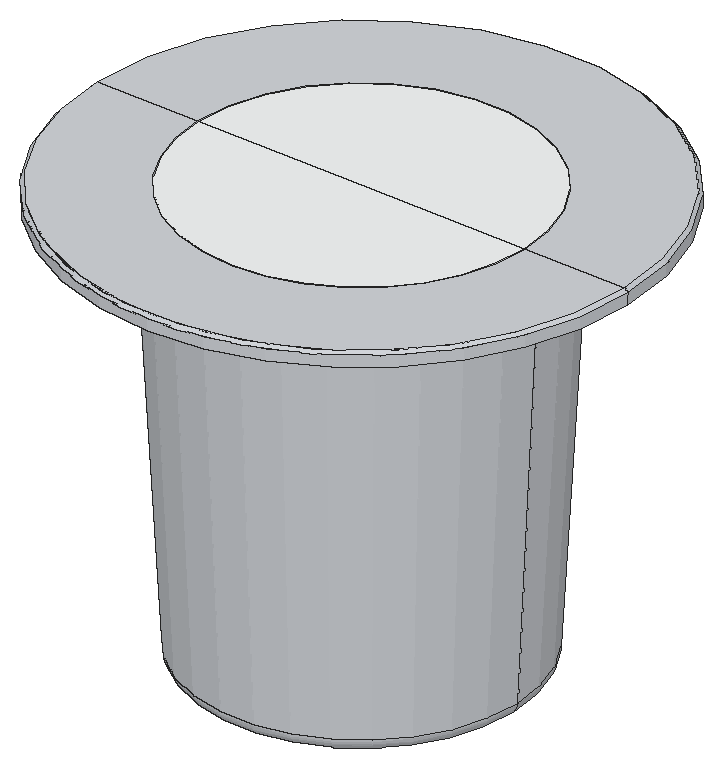
Revit family "33020_HOST_FACE", category Lighting Fixtures, host Face, Revit 2019
Family settings
  Host = Face
  Round Connector Dimension = Use Diameter
  Part Type = Normal
  Cut with Voids When Loaded = Yes
  Light Source = Yes
  Shared = No
  Room Calculation Point = No
Parameters (values of type "Recessed Luminaires - Square")
  Wattage = 1.4878 W
  built-in parameter 1150110 = 1 (stored number, unit not read)
  URL = "www.bega-us.com"
  built-in parameter 1114217 = 1 (stored number, unit not read)
  Tilt Angle = 90.00°
  built-in parameter 1150109 = 1 (stored number, unit not read)
  built-in parameter 1150134 = (empty or 0)
  Telephone = "805.684.0533"
  built-in parameter 1150113 = 1 (stored number, unit not read)
  Photometric Web File = "33020.ies"
  Model = ""
  Manufacturer = "BEGA-US"
  built-in parameter 1150105 = 880.65 (stored number, unit not read)
  Lumens = 221 lm
  built-in parameter 1150115 = 1 (stored number, unit not read)
  built-in parameter 1150137 = (empty or 0)
  built-in parameter 1150139 = (empty or 0)
  built-in parameter 1150112 = 1 (stored number, unit not read)
  built-in parameter 1150114 = 1 (stored number, unit not read)
  Lamp = "4.2W LED"
  built-in parameter 1150132 = 2
  built-in parameter 1150102 = (empty or 0)
  built-in parameter 1150107 = 3000 (stored number, unit not read)
  built-in parameter 1150138 = (empty or 0)
  built-in parameter 1150106 = 8.8065 (stored number, unit not read)
  built-in parameter 1150104 = 13.8 (stored number, unit not read)
  Dimming Lamp Color Temperature Shift = <None>
  Description = ""
  Default Elevation = 0' - 0"
  Color Filter = 16777215
  built-in parameter 1114218 = 1 (stored number, unit not read)
  built-in parameter 1150133 = 10 (stored number, unit not read)
Types (27): name | Wattage | Tilt Angle | built-in parameter 1150134 | Photometric Web File | Model | built-in parameter 1150105 | Lumens | Lamp | built-in parameter 1150107 | built-in parameter 1150106 | Description | Default Elevation
  (no name) | 1.4878 W | 90.00° | (empty or 0) | "33020.ies" | "" | 880.65 (stored number, unit not read) | 221 lm | "4.2W LED" | 3000 (stored number, unit not read) | 8.8065 (stored number, unit not read) | "" | 0' - 0"
  Wall Luminaires - Directed Light | 18.4392 W | 90.00° | (empty or 0) | "generic" | "2260LED" | 217.96 (stored number, unit not read) | 2739 lm | "44.6W LED" | 3000 (stored number, unit not read) | 2.1796 (stored number, unit not read) | "Surface wall with cutoff optics" | 6' - 0"
  Wall Luminaires - Linear | 9.92985 W | 90.00° | 9 | "generic" | "4425P" | 117.38 (stored number, unit not read) | 1475 lm | "(1) 39W CF twin-4-p" | 3450 (stored number, unit not read) | 1.1738 (stored number, unit not read) | "Suface wall - linear with white acrylic diffuser" | 6' - 0"
  Ceiling and Wall Luminaires - Unshielded | 2.66591 W | 0.00° | (empty or 0) | "33508.ies" | "33 508" | 31.513 (stored number, unit not read) | 396 lm | "W LED" | 3000 (stored number, unit not read) | 0.31513 (stored number, unit not read) | "LED ceiling and wall luminaires - impact resistant" | 0' - 0"
  Recessed Luminaires - Round | 2.66591 W | 0.00° | (empty or 0) | "33508.ies" | "33 508" | 31.513 (stored number, unit not read) | 396 lm | "W LED" | 3000 (stored number, unit not read) | 0.31513 (stored number, unit not read) | "LED ceiling and wall luminaires - impact resistant" | 0' - 0"
  Recessed Luminaires - Square | 1.4878 W | 90.00° | (empty or 0) | "33020.ies" | "" | 880.65 (stored number, unit not read) | 221 lm | "4.2W LED" | 3000 (stored number, unit not read) | 8.8065 (stored number, unit not read) | "" | 0' - 0"
  Recessed Luminaires - Retangular | 2.66591 W | 0.00° | (empty or 0) | "33508.ies" | "33 508" | 31.513 (stored number, unit not read) | 396 lm | "W LED" | 3000 (stored number, unit not read) | 0.31513 (stored number, unit not read) | "LED ceiling and wall luminaires - impact resistant" | 0' - 0"
  Recessed Luminaires - Elongated | 2.66591 W | 0.00° | (empty or 0) | "33508.ies" | "33 508" | 31.513 (stored number, unit not read) | 396 lm | "W LED" | 3000 (stored number, unit not read) | 0.31513 (stored number, unit not read) | "LED ceiling and wall luminaires - impact resistant" | 0' - 0"
  Recessed Ceiling Luminaires - Downlights | 2.66591 W | 0.00° | (empty or 0) | "33508.ies" | "33 508" | 31.513 (stored number, unit not read) | 396 lm | "W LED" | 3000 (stored number, unit not read) | 0.31513 (stored number, unit not read) | "LED ceiling and wall luminaires - impact resistant" | 0' - 0"
  Recessed Ceiling Luminaires - Asymmetric | 1.4878 W | 90.00° | (empty or 0) | "33020.ies" | "33 508" | 17.587 (stored number, unit not read) | 221 lm | "4.2W LED" | 3000 (stored number, unit not read) | 0.17587 (stored number, unit not read) | "LED ceiling and wall luminaires - impact resistant" | 0' - 0"
  Pendant and Cable Suspended Luminaires - Shielded | 2.66591 W | 0.00° | (empty or 0) | "33508.ies" | "33 508" | 31.513 (stored number, unit not read) | 396 lm | "W LED" | 3000 (stored number, unit not read) | 0.31513 (stored number, unit not read) | "LED ceiling and wall luminaires - impact resistant" | 0' - 0"
  Pendant and Cable Suspended Luminaires - Directed | 2.66591 W | 0.00° | (empty or 0) | "33508.ies" | "33 508" | 31.513 (stored number, unit not read) | 396 lm | "W LED" | 3000 (stored number, unit not read) | 0.31513 (stored number, unit not read) | "LED ceiling and wall luminaires - impact resistant" | 0' - 0"
  Ceiling Luminaires - Downlights | 2.66591 W | 0.00° | (empty or 0) | "33508.ies" | "33 508" | 31.513 (stored number, unit not read) | 396 lm | "W LED" | 3000 (stored number, unit not read) | 0.31513 (stored number, unit not read) | "LED ceiling and wall luminaires - impact resistant" | 0' - 0"
  Ceiling Luminaires - Asymmetric | 2.66591 W | 0.00° | (empty or 0) | "33508.ies" | "33 508" | 31.513 (stored number, unit not read) | 396 lm | "W LED" | 3000 (stored number, unit not read) | 0.31513 (stored number, unit not read) | "LED ceiling and wall luminaires - impact resistant" | 0' - 0"
  Ceiling and Wall Luminaires - Stainless Steel | 2.66591 W | 0.00° | (empty or 0) | "33508.ies" | "33 508" | 31.513 (stored number, unit not read) | 396 lm | "W LED" | 3000 (stored number, unit not read) | 0.31513 (stored number, unit not read) | "LED ceiling and wall luminaires - impact resistant" | 0' - 0"
  Wall Luminaires - Stainless Steel | 2.66591 W | 0.00° | (empty or 0) | "33508.ies" | "33 508" | 31.513 (stored number, unit not read) | 396 lm | "W LED" | 3000 (stored number, unit not read) | 0.31513 (stored number, unit not read) | "LED ceiling and wall luminaires - impact resistant" | 0' - 0"
  Wall Luminaires - Unshielded Light | 2.66591 W | 0.00° | (empty or 0) | "33508.ies" | "33 508" | 31.513 (stored number, unit not read) | 396 lm | "W LED" | 3000 (stored number, unit not read) | 0.31513 (stored number, unit not read) | "LED ceiling and wall luminaires - impact resistant" | 0' - 0"
  Wall Luminaires - Shielded Light | 2.66591 W | 0.00° | (empty or 0) | "33508.ies" | "33 508" | 31.513 (stored number, unit not read) | 396 lm | "W LED" | 3000 (stored number, unit not read) | 0.31513 (stored number, unit not read) | "LED ceiling and wall luminaires - impact resistant" | 0' - 0"
  On-Ground Luminaires | 2.66591 W | 0.00° | (empty or 0) | "33508.ies" | "33 508" | 31.513 (stored number, unit not read) | 396 lm | "W LED" | 3000 (stored number, unit not read) | 0.31513 (stored number, unit not read) | "LED ceiling and wall luminaires - impact resistant" | 0' - 0"
  Light Design Elements | 2.66591 W | 0.00° | (empty or 0) | "33508.ies" | "33 508" | 31.513 (stored number, unit not read) | 396 lm | "W LED" | 3000 (stored number, unit not read) | 0.31513 (stored number, unit not read) | "LED ceiling and wall luminaires - impact resistant" | 0' - 0"
  LED System Bollard | 2.66591 W | 0.00° | (empty or 0) | "33508.ies" | "33 508" | 31.513 (stored number, unit not read) | 396 lm | "W LED" | 3000 (stored number, unit not read) | 0.31513 (stored number, unit not read) | "LED ceiling and wall luminaires - impact resistant" | 0' - 0"
  Bollards | 2.66591 W | 0.00° | (empty or 0) | "33508.ies" | "33 508" | 31.513 (stored number, unit not read) | 396 lm | "W LED" | 3000 (stored number, unit not read) | 0.31513 (stored number, unit not read) | "LED ceiling and wall luminaires - impact resistant" | 0' - 0"
  Bollards - Stainless Steel | 2.66591 W | 0.00° | (empty or 0) | "33508.ies" | "33 508" | 31.513 (stored number, unit not read) | 396 lm | "W LED" | 3000 (stored number, unit not read) | 0.31513 (stored number, unit not read) | "LED ceiling and wall luminaires - impact resistant" | 0' - 0"
  Light Building Elements | 2.66591 W | 0.00° | (empty or 0) | "33508.ies" | "33 508" | 31.513 (stored number, unit not read) | 396 lm | "W LED" | 3000 (stored number, unit not read) | 0.31513 (stored number, unit not read) | "LED ceiling and wall luminaires - impact resistant" | 0' - 0"
  Pole-top Luminaires - with asymmetrical light distribution | 2.66591 W | 0.00° | (empty or 0) | "33508.ies" | "33 508" | 31.513 (stored number, unit not read) | 396 lm | "W LED" | 3000 (stored number, unit not read) | 0.31513 (stored number, unit not read) | "LED ceiling and wall luminaires - impact resistant" | 0' - 0"
  Pole-top Luminaires - with symmetrical light distribution | 2.66591 W | 0.00° | (empty or 0) | "33508.ies" | "33 508" | 31.513 (stored number, unit not read) | 396 lm | "W LED" | 3000 (stored number, unit not read) | 0.31513 (stored number, unit not read) | "LED ceiling and wall luminaires - impact resistant" | 0' - 0"
  Pole-top Luminaires - with indirect light | 2.66591 W | 0.00° | (empty or 0) | "88754.IES" | "33 508" | 31.513 (stored number, unit not read) | 396 lm | "W LED" | 3000 (stored number, unit not read) | 0.31513 (stored number, unit not read) | "LED ceiling and wall luminaires - impact resistant" | 0' - 0"
Reference planes (in)
  plane 1 "Center (Front/Back)": y = 0
  plane 2: z = 0
  plane 3 "Center (Left/Right)": x = 0
Dimensions and locks (in)
  aligned and locked: plane 2 to host face
  aligned and locked: level to host face
Nested families (in)
  nested 1: "33020" at (0, 0, 0), type "33020"
Connectors (in)
  electrical at (0, 0, 0)
    settings: on host face, index 1, voltage 0 V, apparent load 0 VA, apparent load phase1 0 VA, apparent load phase2 0 VA, apparent load phase3 0 VA, power factor 1, load classification "Other", number of poles 1, system type 31, power factor state 1, is connector primary yes, connector utility no, sub classification motor no, connector description ""
Definition of nested family "33020"
  Reference planes (in)
    plane 1 "Center (Front/Back)": y = 0
    plane 2: z = 0
    plane 3 "Center (Left/Right)": x = 0
    plane 4: y = 0
  Forms (in)
    Revolve 1, solid
      sketch origin (0, 0, 0) x (1, 0, 0) y (0, 0, 1)
        loop
          line (-1.83458, 0.15625) -> (-2.96496, 0.15625) -> (-3, 0.12121) -> (-3, 0) -> (-2.07087, 0)
          arc (-2.07087, 0) -> (-2.01941, -0.0205) -> (-1.99615, -0.07077) r 0.07484
          line (-1.99615, -0.07077) -> (-1.75753, -4.45163)
          arc (-1.75753, -4.45163) -> (-1.71209, -4.54981) -> (-1.61159, -4.58984) r 0.14616
          line (-1.61159, -4.58984) -> (0, -4.58984) -> (0, -4.42775) -> (-1.59341, -4.42775) -> (-1.83458, 0) -> (-1.83458, 0.15625)
        axis (0, 0.15625) -> (0, -4.58984)
      angle from 0 to 360
    Revolve 2, solid
      sketch origin (0, 0, 0) x (1, 0, 0) y (0, 0, 1)
        loop
          line (0, 0.15625) -> (-1.83458, 0.15625) -> (-1.83458, 0) -> (0, 0) -> (0, 0.15625)
        axis (0, 0.15625) -> (0, 0)
      angle from 0 to 360
  Dimensions and locks (in)
    aligned and locked: plane 2 to level
